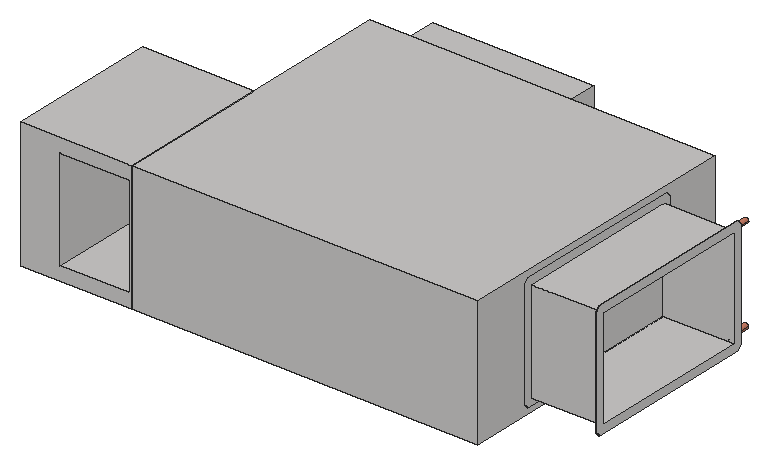
Revit family
Parameters
  Width = 3' - 1"
  Voltage = 277 V
  Unit Weight = if(and(Size Option = 1, Number of Rows = 1), "189.0 lbs", if(and(Size Option = 1, Number of Rows = 2), "192.0 lbs", if(and(Size Option = 2, Number of Rows = 1), "194.0 lbs", if(and(Size Option = 2, Number of Rows = 2), "197.0 lbs", "0"))))  # "189.0 lbs"
  UltraLoc Liner = Choose Liner Option = 3  # no
  URL = "http://www.titus-hvac.com/"
  UL = "181"
  Supply Air Flow [instance] = 0 CFM
  SteriLoc Liner = Choose Liner Option = 2  # no
  Size Option = 1
  Size C = Size Option = 2  # no
  Size B = Size Option = 1  # yes
  Secondary Material = Copper Connectors
  Primary Air Pressure Drop [instance] = 0.00 in-wg
  Primary Air Flow [instance] = 0 CFM
  Pressure [instance] = 0.00 psi
  Plenum Air Pressure Drop [instance] = 0.00 in-wg
  Plenum Air Flow [instance] = 0 CFM
  Outlet Width = 1' - 8 1/2"
  Outlet Height = 1' - 0 1/2"
  Number of Rows = 1
  Number of Poles = 1
  Nominal Width = Width + 0' 6 1/4"  # 3' - 7 1/4"
  Nominal Length = Length + 1' 1 7/8" + 0' 9"  # 5' - 5 7/8"
  Nominal Inlet Size = 0' - 6"
  Nominal Height = 1' - 4"
  NFPA = "90A"
  Motor Full Load Amps [instance] = 0.8 A
  Model = "DTFS-F"
  Min. Air Flow = 0 CFM
  Max. Air Flow = 500 CFM
  Material = Galvanized Steel
  Manufacturer = "Titus"
  Length = 3' - 7"
  Juction Box Offset = 0' - 2 7/8"
  Inlet Diameter = Nominal Inlet Size - 0' 0 1/8"  # 0' - 5 7/8"
  Induced Air Inlet Width = 1' - 1 7/8"
  Induced Air Inlet Offset = (Height - Induced Air Inlet Connection Height) / 2  # 0' - 1 11/16"
  Induced Air Inlet Height = 1' - 7"
  Induced Air Inlet Connection Width = 0' - 8 3/4"
  Induced Air Inlet Connection Height = 1' - 0 5/8"
  Induced Air Filter = no
  Height = 1' - 4"
  Heating Total Capacity [instance] = 0 Btu/h
  Heating Entering Water Temp = 0 °F
  Half Outlet Connection Width = Outlet Width / 2  # 0' - 10 1/4"
  Half Outlet Connection Height = Outlet Height / 2  # 0' - 6 1/4"
  Half Height Start = -(Height / 2)  # -0' - 8"
  Half Height End = Height / 2  # 0' - 8"
  HWC Option = HWC Section : B-C - 1 Row
  HWC Connector Radius = 5/16"
  HP-Motor = "1/6"
  Gallons Per Minute [instance] = 0 GPM
  Frequency = 60 Hz
  Flange Offset = 0' - 1"
  Filter Size = "11\"x14\""
  Fiber Free Liner = Choose Liner Option = 1  # no
  Fan Disconnect Switch = no
  Duct Radius = Nominal Inlet Size / 2  # 0' - 3"
  Description = "Ultra Quiet Series Fan Powered Terminal Unit, Direct Digital Control, Pressure Independent"
  Connector Vertical Offset = 0' - 11 3/4"
  HWC Connector Length = 0' - 3"
  Connector Horizontal Offset = if(Number of Rows = 1, 0' 0", if(Number of Rows = 2, 0' 1", 0' 0"))  # 0' - 0"
  Connection Void Radius = Connection Radius - 0' 0 1/4"  # 0' - 2 11/16"
  Connection Radius = Inlet Diameter / 2  # 0' - 2 15/16"
  Choose Liner Option = 0
  CADworks URL = "www.CADworks.net"
  Assembly Code = "D3040100"
  Apparent Power [instance] = Voltage * Motor Full Load Amps  # 221.6 VA
  Air Inlet Offset = 0' - 6"
  1/2" Fiberglass Liner = Choose Liner Option = 0  # yes
  1" Fiberglass Liner = Choose Liner Option = 4  # no
Reference planes (in)
  plane 1 "Center (Front/Back)": y = 0
  plane 2: z = 0
  plane 3 "Center (Left/Right)": x = 3
  plane 4: x = -18.5
  plane 5: x = 24.5
  plane 6: x = -15.625
  plane 7: x = -21.875
  plane 8: z = 0
  plane 9: y = -18.5
  plane 10: y = 18.5
  plane 11: y = 12.5
  plane 12: z = 0
  plane 13: x = 33.5
  plane 14: x = 32.5
  plane 15: y = 13.25
  plane 16: y = 10.25
  plane 17: z = 5.875
  plane 18: z = -5.875
  plane 19: x = 32.5
  plane 20: z = 8
  plane 21: z = -8
  plane 22: y = 24.75
  plane 23: x = -32.375
Forms (in)
  Extrusion 1, solid, material "Galvanized Steel" <- "Material"
    sketch origin (0, 0, 0) x (1, 0, 0) y (0, 1, 0)
      loop
        line (-18.5, 18.5) -> (-18.5, -18.5) -> (24.5, -18.5) -> (24.5, 18.5) -> (-18.5, 18.5)
    from -8 <- "Half Height Start" to 8 <- "Half Height End"
  Extrusion 2, solid, material "Galvanized Steel" <- "Material"
    sketch origin (0, 0, 0) x (1, 0, 0) y (0, 1, 0)
      loop
        line (-32.375, 0.5) -> (-32.375, -18.5) -> (-18.5, -18.5) -> (-18.5, 0.5) -> (-32.375, 0.5)
    from -8 <- "Half Height Start" to 8 <- "Half Height End"
  Extrusion 3, void
    sketch origin (0, -18.5, 0) x (1, 0, 0) y (0, 0, -1)
      loop
        line (-18.75, 6.3125) -> (-27.5, 6.3125) -> (-27.5, -6.3125) -> (-18.75, -6.3125) -> (-18.75, 6.3125)
    from 0 to 16
  Extrusion 4, solid, material "Galvanized Steel" <- "Material"
    sketch origin (3, 0, 30) x (1, 0, 0) y (0, 1, 0)
      loop
        line (-18.625, 18.5) -> (1.375, 18.5) -> (1.375, 24.75) -> (-18.625, 24.75) -> (-18.625, 18.5)
    from -36 to -24
  Extrusion 5, solid, material "Galvanized Steel" <- "Material"
    sketch origin (-24.875, -2, 0) x (0, 0, -1) y (0, 1, 0)
      loop
        circle (0, 14.5) r 2.9375
    from 3 to 6.375
  Extrusion 6, void
    sketch origin (-24.875, 0, 0) x (0, 1, 0) y (0, 0, 1)
      loop
        circle (12.5, 0) r 2.6875
    from 3 to 9.25
  Extrusion 7, void, detail levels fine
    sketch origin (33.5, -10.25, 6.25) x (0, 0, 1) y (0, -1, 0)
      loop
        line (-12.5, 0) -> (-12.5, -20.5) -> (0, -20.5) -> (0, 0) -> (-12.5, 0)
    from -0.0625 to 0
  Extrusion 8, solid, material "Copper Connectors" <- "Secondary Material", detail levels fine
    sketch origin (0, 0, 0) x (1, 0, 0) y (0, 0, 1)
      loop
        circle (32.5, 5.875) r 0.3125
    from -13.25 to -10.3125
  Extrusion 9, solid, material "Copper Connectors" <- "Secondary Material", detail levels fine
    sketch origin (0, 0, 0) x (1, 0, 0) y (0, 0, 1)
      loop
        circle (32.5, -5.875) r 0.3125
    from -13.25 to -10.3125
Cuts and joins
  Extrusion 3 cuts Extrusion 2
  Extrusion 6 cuts Extrusion 1
  Extrusion 6 cuts Extrusion 5
Dimensions and locks (in)
  "Length": plane 5 to plane 4
  equal spacing: plane 5, plane 3 "Center (Left/Right)", plane 4
  locked: Extrusion 4 to plane 6 at 0
  locked: Extrusion 4 to Extrusion 4 at 20
  "Juction Box Offset": plane 6 to plane 4
  locked: plane 4 to plane 7 at 3.375
  "Width": plane 9 to plane 10
  equal spacing: plane 9, plane 1 "Center (Front/Back)", plane 10
  locked: Extrusion 5 sketch curve to level at 0
  locked: Extrusion 5 sketch curve to plane 11 at 0
  locked: Extrusion 6 sketch curve to level at 0
  locked: Extrusion 6 sketch curve to plane 11 at 0
  locked: Extrusion 4 to Extrusion 4 at 6.25
  locked: Extrusion 4 to Extrusion 4 at 12
  equal spacing: Extrusion 4, plane 8, Extrusion 4
  "Air Inlet Offset": plane 10 to plane 11
  "Induced Air Inlet Height": cut or joined group of Extrusion 2, Extrusion 3 to cut or joined group of Extrusion 2, Extrusion 3
  locked: cut or joined group of Extrusion 5, Extrusion 6 to cut or joined group of Extrusion 5, Extrusion 6 at 3.375
  "Induced Air Inlet Connection Height": Extrusion 3 sketch curve to Extrusion 3 sketch curve
  "Induced Air Inlet Offset": Extrusion 3 sketch curve to cut or joined group of Extrusion 2, Extrusion 3
  "Induced Air Inlet Connection Width": Extrusion 3 sketch curve to Extrusion 3 sketch curve
  locked: Extrusion 3 sketch curve to cut or joined group of Extrusion 1, Extrusion 6 at 0.25
  locked: plane 5 to plane 13 at 9
  locked: plane 14 to plane 13 at 1
  locked: plane 17 to plane 18 at 11.75
  equal spacing: plane 17, plane 12, plane 18
  "Connector Horizontal Offset": plane 19 to plane 14
  "HWC Connector Length": plane 16 to plane 15
  locked: cut or joined group of Extrusion 2, Extrusion 3 to cut or joined group of Extrusion 2, Extrusion 3 at 16
  equal spacing: cut or joined group of Extrusion 2, Extrusion 3, plane 12, cut or joined group of Extrusion 2, Extrusion 3
  locked: cut or joined group of Extrusion 1, Extrusion 6 to cut or joined group of Extrusion 2, Extrusion 3 at 16
  equal spacing: cut or joined group of Extrusion 1, Extrusion 6, plane 12, cut or joined group of Extrusion 1, Extrusion 6
  locked: cut or joined group of Extrusion 2, Extrusion 3 to cut or joined group of Extrusion 2, Extrusion 3 at 13.875
  locked: nested 1 to cut or joined group of Extrusion 1, Extrusion 6 at 1.6875
  locked: cut or joined group of Extrusion 1, Extrusion 6 to nested 1 at 1.6875
  "Connection Radius": radius of Extrusion 5 sketch curve
  "Connection Void Radius": radius of Extrusion 6 sketch curve
  "HWC Connector Radius": radius of Extrusion 8 sketch curve
  "HWC Connector Radius": radius of Extrusion 9 sketch curve
  aligned and locked: plane 10 to Extrusion 4
  aligned and locked: plane 7 to cut or joined group of Extrusion 5, Extrusion 6
  aligned and locked: plane 9 to cut or joined group of Extrusion 2, Extrusion 3  (x3)
  aligned and locked: nested 1 to Extrusion 8
  aligned and locked: plane 15 to Extrusion 8
  aligned and locked: nested 1 to Extrusion 9
  aligned and locked: plane 15 to Extrusion 9
  aligned and locked: plane 5 to cut or joined group of Extrusion 1, Extrusion 6
  aligned and locked: cut or joined group of Extrusion 1, Extrusion 6 to plane 10
  aligned and locked: plane 9 to cut or joined group of Extrusion 1, Extrusion 6
  aligned and locked: cut or joined group of Extrusion 1, Extrusion 6 to plane 4
  aligned and locked: cut or joined group of Extrusion 1, Extrusion 6 to nested 1
  aligned and locked: cut or joined group of Extrusion 5, Extrusion 6 to cut or joined group of Extrusion 1, Extrusion 6
  aligned and locked: cut or joined group of Extrusion 2, Extrusion 3 to cut or joined group of Extrusion 1, Extrusion 6
  aligned and locked: plane 6 to Extrusion 6
  aligned and locked: Extrusion 6 to plane 7
  aligned and locked: plane 22 to Extrusion 4
  aligned and locked: plane 23 to cut or joined group of Extrusion 2, Extrusion 3
  aligned and locked: plane 13 to nested 1
  aligned and locked: plane 20 to cut or joined group of Extrusion 2, Extrusion 3
  aligned and locked: plane 20 to cut or joined group of Extrusion 1, Extrusion 6
  aligned and locked: plane 21 to cut or joined group of Extrusion 2, Extrusion 3
  aligned and locked: plane 21 to cut or joined group of Extrusion 1, Extrusion 6
Automatic sketch dimensions
  Extrusion 1 sketch curve to plane 4 = 0' - 0"
  Extrusion 1 sketch curve to plane 5 = 0' - 0"
  Extrusion 1 sketch curve to plane 9 = 0' - 0"
  Extrusion 1 sketch curve to plane 10 = 0' - 0"
  Extrusion 2 sketch curve to plane 4 = 0' - 0"
  Extrusion 2 sketch curve to plane 9 = 0' - 0"
  Extrusion 2 sketch curve to plane 1 "Center (Front/Back)" = 0' - 0 1/2"
  Extrusion 4 sketch curve to plane 6 = 0' - 0"
  Extrusion 4 sketch curve to plane 10 = 0' - 0"
  plane 3 "Center (Left/Right)" to Extrusion 4 sketch curve = 0' - 1 3/8"
  Extrusion 4 sketch curve to plane 10 = 0' - 6 1/4"
  Extrusion 2 sketch curve to plane 7 = 0' - 10 1/2"
  Extrusion 7 sketch curve to nested 1 = 0' - 0"  (x4)
  Extrusion 8 sketch curve to plane 17 = 0' - 0"
  Extrusion 8 sketch curve to plane 19 = 0' - 0"
  Extrusion 9 sketch curve to plane 14 = 0' - 0"
  Extrusion 9 sketch curve to plane 18 = 0' - 0"
Nested families (in)
  nested 1: "HWC Section" at (29, 0, 0) x (0, 1, 0) z (0, 0, 1), type <- "HWC Option", type "B-C - 1 Row"
Connectors (in)
  electrical at (-5.625, 24.75, 0), driven by "Apparent Power", driven by "Voltage", driven by "Number of Poles"
    settings: on Extrusion 4, index 8
  hvac at (-21.875, 12.5, 0), driven by "Duct Radius", driven by "Primary Air Pressure Drop", driven by "Primary Air Flow"
    settings: on cut or joined group of Extrusion 5, Extrusion 6, index 9
  hvac at (-23.125, -18.5, 0), driven by "Induced Air Inlet Connection Height", driven by "Induced Air Inlet Connection Width", driven by "Plenum Air Pressure Drop", driven by "Plenum Air Flow"
    settings: on cut or joined group of Extrusion 2, Extrusion 3, index 10
  hvac at (33.5, 0, 0), driven by "Outlet Height", driven by "Outlet Width", driven by "Supply Air Flow"
    settings: on Extrusion 7, index 11
  piping at (32.5, 13.25, 5.875), driven by "Gallons Per Minute", driven by "Pressure", driven by "HWC Connector Radius"
    settings: on Extrusion 8, index 12
  piping at (32.5, 13.25, -5.875), driven by "Gallons Per Minute", driven by "HWC Connector Radius", driven by "Pressure"
    settings: on Extrusion 9, index 13
Definition of nested family "HWC Section"
  Parameters (values of type "B-C - 1 Row")
    Visibility = yes
    Secondary Material = Copper Connectors
    Number of Rows = 1
    Material = Galvanized Steel
    Half Width = HWC Width / 2  # 0' - 10 1/4"
    Half Length-Start = -(HWC Length / 2)  # -0' - 4 1/2"
    Half Length-End = HWC Length / 2  # 0' - 4 1/2"
    HWC Connection Radius = 5/16"
    Flange Offset = 0' - 1"
    Duct Vertical Offset = HWC Height - 0' 0 1/2"  # 1' - 0"
    Duct Horizontal Offset = HWC Width - 0' 0 1/2"  # 1' - 8"
    Connector Vertical Offset = 0' - 11 3/4"
    HWC Width = 1' - 8 1/2"
    HWC Height = 1' - 0 1/2"
    HWC Length = 0' - 9"  # constant formula
    Gallons Per Minute = 0 GPM
    Connector Length = 0' - 3"
    Connector Horizontal Offset = 0' - 0"
  Types (5): name | Number of Rows | Half Width | Flange Offset | Duct Vertical Offset | Duct Horizontal Offset | Connector Vertical Offset | HWC Width | HWC Height | Connector Horizontal Offset
    (no name) | 1 | 0' - 10 1/4" | 0' - 1" | 1' - 0" | 1' - 8" | 0' - 11 3/4" | 1' - 8 1/2" | 1' - 0 1/2" | 0' - 0"
    B-C - 1 Row | 1 | 0' - 10 1/4" | 0' - 1" | 1' - 0" | 1' - 8" | 0' - 11 3/4" | 1' - 8 1/2" | 1' - 0 1/2" | 0' - 0"
    B-C - 2 Row | 2 | 0' - 10 1/4" | 0' - 1" | 1' - 0" | 1' - 8" | 0' - 11 3/4" | 1' - 8 1/2" | 1' - 0 1/2" | 0' - 1"
    D-E - 1 Row | 1 | 1' - 0 1/2" | 0' - 1 1/4" | 1' - 5" | 2' - 0 1/2" | 1' - 4 1/4" | 2' - 1" | 1' - 5 1/2" | 0' - 0"
    D-E - 2 Row | 2 | 1' - 0 1/2" | 0' - 1 1/4" | 1' - 5" | 2' - 0 1/2" | 1' - 4 3/4" | 2' - 1" | 1' - 5 1/2" | 0' - 1"
  Reference planes (in)
    plane 1 "Center (Front/Back)": y = 0
    plane 2: z = 0
    plane 3 "Center (Left/Right)": x = 0
    plane 4: x = -10.25
    plane 5: x = 10.25
    plane 6: y = 4.5
    plane 7: y = -4.5
    plane 8: z = 6.25
    plane 9: z = -6.25
    plane 10: z = 5.875
    plane 11: z = -5.875
    plane 12: y = 3.5
    plane 13: y = 3.5
    plane 14: x = 13.25
  Forms (in)
    Extrusion 1, solid, material "Galvanized Steel" <- "Material", visible <- "Visibility"
      sketch origin (0, 0, 0) x (1, 0, 0) y (0, 0, 1)
        loop
          line (-10.3125, 6.3125) -> (-10.3125, -6.3125) -> (10.3125, -6.3125) -> (10.3125, 6.3125) -> (-10.3125, 6.3125)
      from -4.375 <- "Half Length-Start" to 4.5 <- "Half Length-End"
    Extrusion 2, void, detail levels fine
      sketch origin (0, 0, 0) x (1, 0, 0) y (0, 0, 1)
        loop
          line (-10.25, -6.25) -> (10.25, -6.25) -> (10.25, 6.25) -> (-10.25, 6.25) -> (-10.25, -6.25)
      from -4.5 <- "Half Length-Start" to 4.5 <- "Half Length-End"
    Extrusion 3, solid, material "Copper Connectors" <- "Secondary Material", visible <- "Visibility"
      sketch origin (6, 2.625, 0) x (0, 1, 0) y (0, 0, 1)
        loop
          circle (0.875, -5.875) r 0.3125
      from 4.3125 to 7.25
    Extrusion 4, solid, material "Galvanized Steel" <- "Material", visible <- "Visibility"
      sketch origin (0, -4.375, 0) x (1, 0, 0) y (0, 0, 1)
        loop
          line (-10.25, 6.25) -> (-10.25, -6.25) -> (10.25, -6.25) -> (10.25, 6.25) -> (-10.25, 6.25)
        loop
          line (-11.25, 6.75) -> (-11.25, -6.75) -> (-10.75, -7.25) -> (10.75, -7.25) -> (11.25, -6.75) -> (11.25, 6.75) -> (10.75, 7.25) -> (-10.75, 7.25) -> (-11.25, 6.75)
      from 0 to 0.125
    Extrusion 5, solid, material "Copper Connectors" <- "Secondary Material", visible <- "Visibility"
      sketch origin (6, -0.5, 0) x (0, 1, 0) y (0, 0, 1)
        loop
          circle (4, 5.875) r 0.3125
      from 4.3125 to 7.25
    Extrusion 6, solid, material "Galvanized Steel" <- "Material", visible <- "Visibility"
      sketch origin (0, 4.375, 0) x (1, 0, 0) y (0, 0, -1)
        loop
          line (-10.25, -6.25) -> (10.25, -6.25) -> (10.25, 6.25) -> (-10.25, 6.25) -> (-10.25, -6.25)
        loop
          line (-11.25, -6.75) -> (-10.75, -7.25) -> (10.75, -7.25) -> (11.25, -6.75) -> (11.25, 6.75) -> (10.75, 7.25) -> (-10.75, 7.25) -> (-11.25, 6.75) -> (-11.25, -6.75)
      from 0 to 0.125
  Cuts and joins
    Extrusion 2 cuts Extrusion 1
    joined: Extrusion 1, Extrusion 4, Extrusion 6
  Dimensions and locks (in)
    "HWC Width": plane 4 to plane 5
    equal spacing: plane 4, plane 3 "Center (Left/Right)", plane 5
    "HWC Height": plane 8 to plane 9
    equal spacing: plane 8, plane 2, plane 9
    equal spacing: plane 10, plane 2, plane 11
    locked: plane 12 to plane 6 at 1
    "Connector Horizontal Offset": plane 13 to plane 12
    locked: plane 7 to Extrusion 4 at 0.125
    locked: Extrusion 6 to plane 6 at 0.125
    locked: plane 4 to Extrusion 1 sketch curve at 0.0625
    locked: Extrusion 4 to Extrusion 1 sketch curve at 0.0625
    locked: Extrusion 1 sketch curve to plane 8 at 0.0625
    locked: plane 9 to Extrusion 1 sketch curve at 0.0625
    "Connector Length": plane 5 to plane 14
    "HWC Length": plane 6 to plane 7
    equal spacing: plane 6, plane 1 "Center (Front/Back)", plane 7
    "Connector Vertical Offset": plane 10 to plane 11
    equal spacing: plane 10, level, plane 11
    "HWC Width": Extrusion 4 sketch curve to Extrusion 4 sketch curve
    equal spacing: Extrusion 4 sketch curve, plane 3 "Center (Left/Right)", Extrusion 4 sketch curve
    "HWC Height": Extrusion 4 sketch curve to Extrusion 4 sketch curve
    equal spacing: Extrusion 4 sketch curve, plane 2, Extrusion 4 sketch curve
    "Flange Offset": cut or joined group of Extrusion 1, Extrusion 2, Extrusion 4, Extrusion 6 to plane 8
    "Flange Offset": plane 9 to cut or joined group of Extrusion 1, Extrusion 2, Extrusion 4, Extrusion 6
    locked: cut or joined group of Extrusion 1, Extrusion 2, Extrusion 4, Extrusion 6 to plane 4 at 1  (x2)
    locked: cut or joined group of Extrusion 1, Extrusion 2, Extrusion 4, Extrusion 6 to plane 5 at 1  (x2)
    "HWC Width": Extrusion 6 sketch curve to Extrusion 6 sketch curve
    "HWC Height": Extrusion 6 sketch curve to Extrusion 6 sketch curve
    equal spacing: Extrusion 6 sketch curve, plane 3 "Center (Left/Right)", Extrusion 6 sketch curve
    equal spacing: Extrusion 6 sketch curve, plane 2, Extrusion 6 sketch curve
    "HWC Height": Extrusion 2 sketch curve to Extrusion 2 sketch curve
    "HWC Width": Extrusion 2 sketch curve to Extrusion 2 sketch curve
    equal spacing: Extrusion 2 sketch curve, plane 3 "Center (Left/Right)", Extrusion 2 sketch curve
    equal spacing: Extrusion 2 sketch curve, plane 2, Extrusion 2 sketch curve
    locked: plane 5 to Extrusion 3 at 0.0625
    locked: plane 5 to Extrusion 5 at 0.0625
    "Flange Offset": Extrusion 6 sketch curve to plane 8  (x2)
    "Flange Offset": plane 9 to Extrusion 6 sketch curve  (x2)
    "HWC Connection Radius": radius of Extrusion 3 sketch curve
    "HWC Connection Radius": radius of Extrusion 5 sketch curve
    aligned and locked: plane 7 to Extrusion 4
    aligned and locked: plane 6 to Extrusion 6
    aligned and locked: plane 14 to Extrusion 5
    aligned and locked: plane 14 to Extrusion 3
    aligned and locked: Extrusion 6 to cut or joined group of Extrusion 1, Extrusion 2, Extrusion 4, Extrusion 6
    aligned and locked: Extrusion 4 to Extrusion 4
  Automatic sketch dimensions
    Extrusion 3 sketch curve to plane 11 = 0' - 0"
    Extrusion 3 sketch curve to plane 12 = 0' - 0"
    plane 4 to Extrusion 4 sketch curve = 0' - 1"
    plane 4 to Extrusion 4 sketch curve = 0' - 0 1/2"  (x2)
    Extrusion 4 sketch curve to plane 5 = 0' - 0 1/2"  (x2)
    Extrusion 4 sketch curve to Extrusion 4 sketch curve = 0' - 0 1/2"  (x3)
    Extrusion 4 sketch curve to plane 9 = 0' - 0 1/2"  (x2)
    plane 8 to Extrusion 4 sketch curve = 0' - 0 1/2"  (x2)
    Extrusion 5 sketch curve to plane 10 = 0' - 0"
    Extrusion 5 sketch curve to plane 13 = 0' - 0"
    plane 4 to Extrusion 6 sketch curve = 0' - 1"
    plane 4 to Extrusion 6 sketch curve = 0' - 0 1/2"  (x2)
    Extrusion 6 sketch curve to plane 5 = 0' - 0 1/2"  (x2)
    Extrusion 6 sketch curve to Extrusion 6 sketch curve = 0' - 0 1/2"  (x2)
    plane 8 to Extrusion 6 sketch curve = 0' - 0 1/2"  (x2)
    Extrusion 6 sketch curve to plane 9 = 0' - 0 1/2"
